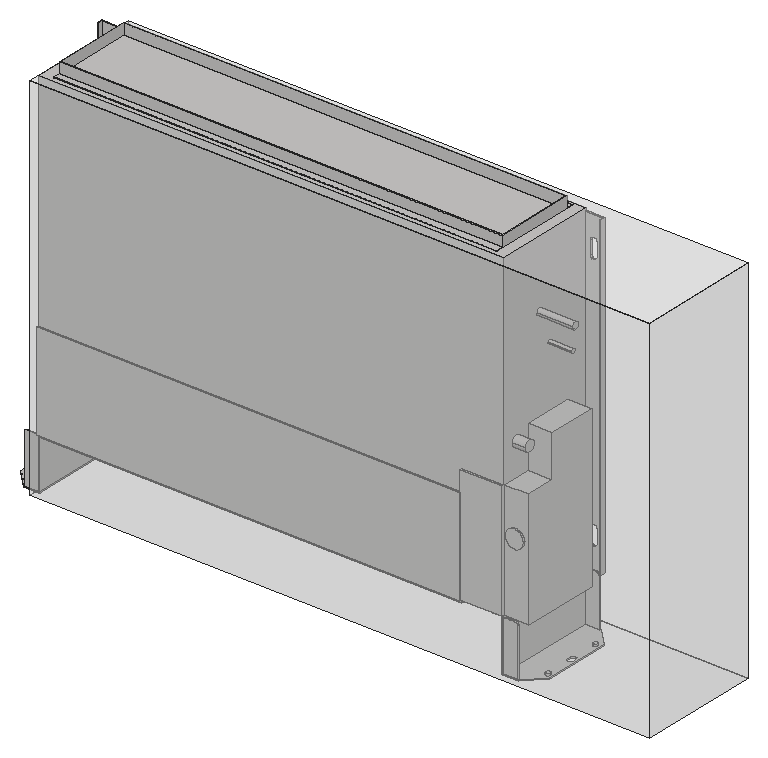
Revit family "outputfile", category 機械設備, Revit 2024
Family settings
  丸型コネクタ寸法 = 半径を使用
  パーツ タイプ = 標準
  OmniClass 番号 = 23.75.10.24.21.27.27
  OmniClass タイトル = Split System Air Conditioning Units
  作業面ベース = いいえ
  常に垂直 = はい
  ロード時にボイドで切り取り = いいえ
  注釈の向きを維持 = いいえ
  共有 = いいえ
  部屋計算ポイント = いいえ
Parameters (values of type "FXNQ40A2VEB")
  Description = ""
  製造元 = "Daikin"
  書き出し IFC クラス(タイプ) = "IfcUnitaryEquipmentType"
  定義済み IFC タイプ(タイプ) = "AIRCONDITIONINGUNIT"
  Cost = 0
  モデル = "FXNQ40A2VEB"
  Type Comments = ""
  Keynote = ""
  Type Image = (empty or 0)
  Assembly Code = ""
  w_hangerfixture = 0.0 mm
  w_dischargeflange = 862.0 mm
  r_Liquid Pipe Size = Liquid Pipe Size / 2  # 3.2 mm
  r_Gas Pipe Size = Gas Pipe Size / 2  # 6.35 mm
  w_mounting foot = 1030.0 mm
  r_Drain Pipe Size = Drain Pipe Size / 2  # 10.0 mm
  h_mountinghole = [h***] + 1.6 mm  # 1.6 mm
  lh_liquidpipe = 193.0 mm
  lh_gaspipe = 130.0 mm
  lh_drainpipe = 330.0 mm
  lh_antena = 725.8 mm  # constant formula
  ld_liquidpipe = 90.0 mm
  ld_gaspipe = 114.0 mm
  ld_drainpipe = 171.0 mm
  h*** = 0.0 mm  # constant formula
  w_front suction = 801.0 mm
  d_pipe_2 = 27.3 mm  # constant formula
  d_pipe_1 = 47.6 mm  # constant formula
  d_pipe = 71.2 mm  # constant formula
  Width = 904.8 mm
  Voltage_comment_60Hz = "220"
  Voltage_comment_50Hz = "220-240"
  Voltage_60Hz = 220 V
  Voltage_50Hz = 220 V
  Version = "ver.1.0"
  Unit Type = "Concealed Floor Standing Type"
  Unit Mass Weight = 27.50 kg
  Unit Designation [instance] = ""
  Uniclass2015Version = "Products v1.30"
  Uniclass2015Title = "Variable refrigerant flow units"
  Uniclass2015Code = "Pr_70_65_03_94"
  URL = ""
  Total Heating Capacity [instance] = 0.000 kW
  Total Cooling Capacity [instance] = 0.000 kW
  Sound Pressure Level_M speed (dBA) = 0
  Sound Pressure Level_L speed (dBA) = 28
  Sound Pressure Level_H speed (dBA) = 32
  Series = "VRV Fan Coil Unit"
  Sensible Cooling Capacity [instance] = 0.000 kW
  SA Duct Size Width = 860.0 mm
  SA Duct Size Height = 154.0 mm
  Refrigerant Type = "R410A"
  Power Input (Heating) = 0.075 kW
  Power Input (Cooling) = 0.078 kW
  Phase_60Hz = 1
  Phase_50Hz = 1
  Option Accessory 3 [instance] = ""
  Option Accessory 2 [instance] = ""
  Option Accessory 1 [instance] = ""
  Nominal Heating Capacity = 5.000 kW
  Nominal Cooling Capacity = 4.500 kW
  Minimum External Static Pressure = 0.00 Pa
  Minimum Circuit Amps_60Hz = 0.5 A
  Minimum Circuit Amps_50Hz = 0.5 A
  Minimum Airflow = 510.00 m³/h
  Median Airflow = 570.00 m³/h
  Maximum Fuse Amps_60Hz = 16.0 A
  Maximum Fuse Amps_50Hz = 16.0 A
  Maximum External Static Pressure = 52.00 Pa
  Maximum Airflow = 630.00 m³/h
  Material_Casing = DAIKIN_GalvanizedSteel_Casing_indoorunit
  Load Classification = HVAC
  Liquid Pipe Size = 6.4 mm
  Link_Nested Family [instance] = ""
  IfcVersion = "0"
  IfcExportType = "AIRCONDITIONINGUNIT"
  IfcExportAs = "IfcUnitaryEquipmentType"
  Height = 623.4 mm
  Heating Entering Wet Bulb Temperature [instance] = 0.00 °C
  Heating Entering Dry Bulb Temperature [instance] = 0.00 °C
  Heating Ambient Wet Bulb Temperature [instance] = 0.00 °C
  Heating Ambient Dry Bulb Temperature [instance] = 0.00 °C
  Heat Exchanger Type = "Cross Fin Coil"
  Gas Pipe Size = 12.7 mm
  Frequency_60Hz = 60 Hz
  Frequency_50Hz = 50 Hz
  Fan Type = "Sirocco Fan"
  Fan Drive = "Direct Drive"
  FCU Tag No. [instance] = ""
  Drain Pipe Size = 20.0 mm
  Design Supply Airflow [instance] = 0.00 m³/h
  Design External Static Pressure [instance] = 0.00 Pa
  Depth = 200.0 mm
  既定の高さ = 0.0 mm
  Cooling Entering Wet Bulb Temperature [instance] = 0.00 °C
  Cooling Entering Dry Bulb Temperature [instance] = 0.00 °C
  Cooling Ambient Wet Bulb Temperature [instance] = 0.00 °C
  Cooling Ambient Dry Bulb Temperature [instance] = 0.00 °C
  Clearance visibility [instance] = yes
  Clearance Top = 0.0 mm
  Clearance Right = 300.0 mm
  Clearance Rear = 20.0 mm
  Clearance Left = 0.0 mm
  Clearance Front = 20.0 mm
  Clearance Bottom = 100.0 mm
Reference planes
  plane 1 "Back": y = 0
  plane 2: z = 0
  plane 3 "Center (Left/Right)": x = 0
  plane 4 "Center (Front/Back)": y = -100
  plane 5 "Front": y = -200
  plane 6 "Left": x = -452.4
  plane 7 "Right": x = 452.4
  plane 8 "Top": z = 726.4
  plane 9: z = 103
  plane 10 "lh_liquidpipe": z = 533.4
  plane 11 "ld_liquidpipe": y = -90
  plane 12 "ld_gaspipe": y = -114
  plane 13 "lh_gaspipe": z = 596.4
  plane 14 "lh_drainpipe": z = 396.4
  plane 15 "ld_drainpipe": y = -171
  plane 16: x = 500
  plane 17: x = 523.6
  plane 18: x = -440
  plane 19: x = 361
  plane 20: z = 111.4
  plane 21: z = 290.8
  plane 22 "lw_powersupply": x = 476.2
  plane 23 "ld_powersupply": y = -150
  plane 24: y = -10
  plane 25: y = -190
  plane 26: x = 515
  plane 27: x = -515
  plane 28: x = 479.7
  plane 29: x = -490
  plane 30: x = 490
  plane 31: z = 723
  plane 32: z = 747.6
  plane 33: z = 726.4
  plane 34: z = 3
  plane 35: x = -452.4
  plane 36: x = 752.4
  plane 37: y = -220
  plane 38: y = 20
  plane 39: x = -505
  plane 40: x = 505
  plane 41: y = -97.5
  plane 42 "Bottom": z = 0
Forms (mm)
  Extrusion 1, solid, material "DAIKIN_GalvanizedSteel_Casing_indoorunit" <- "Material_Casing"
    sketch origin (0, 0, 0) x (1, 0, 0) y (0, 1, 0)
      loop
        line (-452.4, 0) -> (-452.4, -200) -> (452.4, -200) -> (452.4, 0) -> (-452.4, 0)
    from 103 to 726.4
  Extrusion 2, solid, material "DAIKIN_GalvanizedSteel_Casing_indoorunit" <- "Material_Casing"
    sketch origin (452.4, 0, 0) x (0, -1, 0) y (0, 0, -1)
      loop
        circle (90, -533.4) r 3.2
    from 0 to 47.6
  Extrusion 3, solid, material "DAIKIN_GalvanizedSteel_Casing_indoorunit" <- "Material_Casing"
    sketch origin (452.4, 0, 0) x (0, -1, 0) y (0, 0, -1)
      loop
        circle (114, -596.4) r 6.35
    from 0 to 71.2
  Extrusion 4, solid, material "DAIKIN_GalvanizedSteel_Casing_indoorunit" <- "Material_Casing"
    sketch origin (0, -200, 0) x (-1, 0, 0) y (0, 0, 1)
      loop
        line (452.4, 290.8) -> (-371.8, 290.8) -> (-371.8, 103) -> (452.4, 103) -> (452.4, 290.8)
    from 0 to -5
  Extrusion 5, solid, material "DAIKIN_GalvanizedSteel_Casing_indoorunit" <- "Material_Casing"
    sketch origin (452.4, 0, 0) x (0, 1, 0) y (0, 0, 1)
      loop
        line (-198.4, 103.6) -> (-46, 103.6) -> (-46, 413.6) -> (-142.2, 413.6) -> (-142.2, 331.6) -> (-198.4, 331.6) -> (-198.4, 103.6)
    from 0 to 47.6
  Extrusion 6, solid, material "DAIKIN_GalvanizedSteel_Casing_indoorunit" <- "Material_Casing"
    sketch origin (0, 0, 103) x (-1, 0, 0) y (0, -1, 0)
      loop
        line (452.4, 0) -> (452.4, 200) -> (-371.8, 200) -> (-371.8, 0) -> (452.4, 0)
    from 0 to -5
  Extrusion 7, solid, material "DAIKIN_GalvanizedSteel_Casing_indoorunit" <- "Material_Casing"
    sketch origin (452.4, 0, 0) x (0, 1, 0) y (0, 0, 1)
      loop
        circle (-171, 396.4) r 10
    from 0 to 27.3
  Extrusion 8, solid, material "DAIKIN_GalvanizedSteel_Casing_indoorunit" <- "Material_Casing"
    sketch origin (0, 0, 103) x (-1, 0, 0) y (0, -1, 0)
      loop
        line (452.4, 0) -> (490, 0) -> (490, 10) -> (487.7, 10) -> (487.7, 2.3) -> (452.4, 2.3) -> (452.4, 0)
    from 0 to 620
  Extrusion 9, solid, material "DAIKIN_GalvanizedSteel_Casing_indoorunit" <- "Material_Casing"
    sketch origin (0, 0, 103) x (1, 0, 0) y (0, 1, 0)
      loop
        line (452.4, 0) -> (452.4, -2.3) -> (487.7, -2.3) -> (487.7, -10) -> (490, -10) -> (490, 0) -> (452.4, 0)
    from 0 to 620
  Extrusion 10, void
    sketch origin (-452.4, -2.3, 103) x (1, 0, 0) y (0, 0, -1)
      loop
        line (-24.6, -547) -> (-24.6, -573)
        arc (-24.6, -573) -> (-17.6, -580) -> (-10.6, -573) r 7
        line (-10.6, -573) -> (-10.6, -547)
        arc (-10.6, -547) -> (-17.6, -540) -> (-24.6, -547) r 7
      loop
        arc (929.4, -547) -> (922.4, -540) -> (915.4, -547) r 7
        line (915.4, -547) -> (915.4, -573)
        arc (915.4, -573) -> (922.4, -580) -> (929.4, -573) r 7
        line (929.4, -573) -> (929.4, -547)
      loop
        line (-24.6, -47) -> (-24.6, -73)
        arc (-24.6, -73) -> (-17.6, -80) -> (-10.6, -73) r 7
        line (-10.6, -73) -> (-10.6, -47)
        arc (-10.6, -47) -> (-17.6, -40) -> (-24.6, -47) r 7
      loop
        arc (929.4, -47) -> (922.4, -40) -> (915.4, -47) r 7
        line (915.4, -47) -> (915.4, -73)
        arc (915.4, -73) -> (922.4, -80) -> (929.4, -73) r 7
        line (929.4, -73) -> (929.4, -47)
    from 0 to 250
  Extrusion 11, solid, material "DAIKIN_GalvanizedSteel_Casing_indoorunit" <- "Material_Casing"
    sketch origin (452.4, -200, 0) x (-1, 0, 0) y (0, 0, -1)
      loop
        line (80.6, -331.6) -> (80.6, -104.6) -> (0, -104.6) -> (0, -331.6) -> (80.6, -331.6)
    from 0 to 5
  Extrusion 12, solid, material "DAIKIN_GalvanizedSteel_Casing_indoorunit" <- "Material_Casing"
    sketch origin (452.4, -198.4, 331.6) x (0, 0, -1) y (1, 0, 0)
      loop
        circle (86.6, 21.8) r 17.5
    from 0 to 2.6
Cuts and joins
  Extrusion 10 cuts Extrusion 8
  Extrusion 10 cuts Extrusion 9
Dimensions and locks
  "Height": plane 8 "Top" to plane 9
  "Depth": plane 1 "Back" to plane 5 "Front"
  equal spacing: plane 5 "Front", plane 4 "Center (Front/Back)", plane 1 "Back"
  "Width": plane 6 "Left" to plane 7 "Right"
  equal spacing: plane 6 "Left", plane 3 "Center (Left/Right)", plane 7 "Right"
  "ld_liquidpipe": plane 11 "ld_liquidpipe" to plane 1 "Back"
  "lh_liquidpipe": plane 8 "Top" to plane 10 "lh_liquidpipe"
  "ld_gaspipe": plane 12 "ld_gaspipe" to plane 1 "Back"
  "lh_gaspipe": plane 8 "Top" to plane 13 "lh_gaspipe"
  "lh_drainpipe": plane 8 "Top" to plane 14 "lh_drainpipe"
  "ld_drainpipe": plane 15 "ld_drainpipe" to plane 1 "Back"
  "d_pipe_1": plane 16 to plane 7 "Right"
  "d_pipe": plane 17 to plane 7 "Right"
  plane 21 to plane 20 to plane 9 = 179.4 mm locked, 8.4 mm locked
  locked: plane 18 to plane 29 at 50
  "w_front suction": plane 19 to plane 18
  locked: Extrusion 5 sketch curve to Extrusion 5 sketch curve at 96.2
  locked: Extrusion 5 sketch curve to Extrusion 5 sketch curve at 310
  locked: Extrusion 5 sketch curve to Extrusion 5 sketch curve at 152.4
  locked: Extrusion 5 sketch curve to Extrusion 5 sketch curve at 228
  locked: Extrusion 5 sketch curve to plane 9 at 0.6
  locked: plane 7 "Right" to plane 22 "lw_powersupply" at 23.8
  locked: plane 23 "ld_powersupply" to plane 5 "Front" at 50
  locked: plane 24 to plane 1 "Back" at 10
  locked: plane 25 to plane 5 "Front" at 10
  equal spacing: plane 26, plane 3 "Center (Left/Right)", plane 27
  "w_mounting foot": plane 26 to plane 27
  locked: Extrusion 5 sketch curve to plane 1 "Back" at 46
  "d_pipe_2": plane 28 to plane 7 "Right"
  locked: plane 30 to plane 7 "Right" at 37.6
  locked: plane 6 "Left" to plane 29 at 37.6
  locked: Extrusion 10 sketch curve to Extrusion 10 sketch curve at 14  (x6)
  locked: Extrusion 10 sketch curve to Extrusion 10 sketch curve at 26  (x6)
  locked: plane 8 "Top" to plane 31 at 3.4
  locked: cut or joined group of Extrusion 8, Extrusion 10 to Extrusion 10 sketch curve at 17.6
  locked: cut or joined group of Extrusion 8, Extrusion 10 to Extrusion 10 sketch curve at 47
  locked: Extrusion 9 to Extrusion 10 sketch curve at 47
  locked: Extrusion 10 sketch curve to Extrusion 1 at 17.6  (x3)
  locked: Extrusion 10 sketch curve to Extrusion 10 sketch curve at 474  (x2)
  locked: plane 32 to plane 8 "Top" at 21.2
  "Clearance Right": plane 36 to plane 7 "Right"
  "Clearance Left": plane 6 "Left" to plane 35
  "Clearance Bottom": plane 9 to plane 34
  "Clearance Top": plane 33 to plane 8 "Top"
  "Clearance Front": plane 5 "Front" to plane 37
  "Clearance Rear": plane 1 "Back" to plane 38
  locked: plane 27 to plane 39 at 10
  locked: plane 40 to plane 26 at 10
  locked: plane 41 to plane 4 "Center (Front/Back)" at 2.5
  "h***": plane 42 "Bottom" to plane 2
  locked: plane 9 to plane 42 "Bottom" at 103
  locked: Extrusion 11 sketch curve to Extrusion 11 sketch curve at 227
  locked: Extrusion 11 sketch curve to Extrusion 11 sketch curve at 80.6
  locked: Extrusion 11 sketch curve to plane 9 at 1.6
  locked: Extrusion 12 sketch curve to plane 9 at 142
  locked: Extrusion 12 sketch curve to plane 7 "Right" at 21.8
  "Liquid Pipe Size": diameter of Extrusion 2 sketch curve
  "Gas Pipe Size": diameter of Extrusion 3 sketch curve
  "Drain Pipe Size": diameter of Extrusion 7 sketch curve
  aligned and locked: level to plane 2
  aligned and locked: plane 1 "Back" to Extrusion 1 sketch curve
  aligned and locked: plane 6 "Left" to Extrusion 1 sketch curve
  aligned and locked: plane 5 "Front" to Extrusion 1 sketch curve
  aligned and locked: Extrusion 1 sketch curve to plane 7 "Right"
  aligned and locked: plane 8 "Top" to Extrusion 1
  aligned and locked: Extrusion 1 to plane 9
  aligned and locked: plane 9 to nested 1
  aligned and locked: nested 1 to plane 4 "Center (Front/Back)"
  aligned and locked: plane 4 "Center (Front/Back)" to nested 2
  aligned and locked: nested 2 to plane 9
  aligned and locked: plane 11 "ld_liquidpipe" to Extrusion 2 sketch curve
  aligned and locked: plane 10 "lh_liquidpipe" to Extrusion 2 sketch curve
  aligned and locked: plane 16 to Extrusion 2
  aligned and locked: plane 13 "lh_gaspipe" to Extrusion 3 sketch curve
  aligned and locked: plane 12 "ld_gaspipe" to Extrusion 3 sketch curve
  aligned and locked: plane 17 to Extrusion 3
  aligned and locked: plane 21 to Extrusion 4 sketch curve
  aligned and locked: plane 5 "Front" to Extrusion 4
  aligned and locked: plane 22 "lw_powersupply" to nested 3
  aligned and locked: plane 23 "ld_powersupply" to nested 3
  aligned and locked: plane 9 to Extrusion 6
  aligned and locked: nested 1 to plane 26
  aligned and locked: nested 2 to plane 27
  aligned and locked: plane 16 to Extrusion 5
  aligned and locked: Extrusion 5 to nested 3
  aligned and locked: plane 14 "lh_drainpipe" to Extrusion 7 sketch curve
  aligned and locked: plane 15 "ld_drainpipe" to Extrusion 7 sketch curve
  aligned and locked: plane 28 to Extrusion 7
  aligned and locked: nested 4 to plane 12 "ld_gaspipe"
  aligned and locked: nested 4 to Extrusion 3
  aligned and locked: nested 5 to Extrusion 2
  aligned and locked: Extrusion 7 to plane 7 "Right"
  aligned and locked: nested 4 to plane 13 "lh_gaspipe"
  aligned and locked: nested 5 to plane 10 "lh_liquidpipe"
  aligned and locked: nested 6 to plane 15 "ld_drainpipe"
  aligned and locked: plane 28 to nested 6
  aligned and locked: nested 6 to plane 14 "lh_drainpipe"
  aligned and locked: Extrusion 8 to plane 9
  aligned and locked: plane 30 to Extrusion 9
  aligned and locked: Extrusion 9 to plane 7 "Right"
  aligned and locked: Extrusion 8 to plane 29
  aligned and locked: Extrusion 9 to plane 9
  aligned and locked: plane 31 to cut or joined group of Extrusion 8, Extrusion 10
  aligned and locked: plane 31 to Extrusion 9
  aligned and locked: plane 8 "Top" to nested 7
  aligned and locked: nested 7 to plane 32
  aligned and locked: plane 3 "Center (Left/Right)" to nested 7
  aligned and locked: nested 8 to plane 38
  aligned and locked: nested 8 to plane 37
  aligned and locked: plane 33 to nested 8
  aligned and locked: plane 34 to nested 8
  aligned and locked: plane 35 to nested 8
  aligned and locked: plane 36 to nested 8
  aligned and locked: nested 9 to plane 4 "Center (Front/Back)"
  aligned and locked: plane 40 to nested 9
  aligned and locked: nested 10 to plane 4 "Center (Front/Back)"
  aligned and locked: plane 39 to nested 10
  aligned and locked: plane 41 to nested 7
  aligned and locked: Extrusion 11 sketch curve to plane 7 "Right"
  aligned and locked: plane 6 "Left" to Extrusion 4 sketch curve
  aligned and locked: plane 9 to Extrusion 4 sketch curve
  aligned and locked: Extrusion 11 to Extrusion 4 sketch curve
  aligned and locked: plane 1 "Back" to Extrusion 6 sketch curve
  aligned and locked: plane 5 "Front" to Extrusion 6 sketch curve
  aligned and locked: Extrusion 6 to plane 6 "Left"
  aligned and locked: Extrusion 6 to Extrusion 11
Automatic sketch dimensions
  Extrusion 1 sketch curve to plane 5 "Front" = 0.0 mm
  plane 1 "Back" to Extrusion 8 sketch curve = 0.0 mm
  Extrusion 8 sketch curve to plane 6 "Left" = 0.0 mm
  plane 24 to Extrusion 8 sketch curve = 0.0 mm
  Extrusion 8 sketch curve to plane 29 = 0.0 mm
  plane 29 to Extrusion 8 sketch curve = 2.3 mm
  plane 1 "Back" to Extrusion 8 sketch curve = 2.3 mm
  plane 1 "Back" to Extrusion 9 sketch curve = 0.0 mm
  Extrusion 9 sketch curve to plane 7 "Right" = 0.0 mm
  plane 24 to Extrusion 9 sketch curve = 0.0 mm
  Extrusion 9 sketch curve to plane 30 = 0.0 mm
  Extrusion 9 sketch curve to plane 30 = 2.3 mm
  plane 1 "Back" to Extrusion 9 sketch curve = 2.3 mm
  plane 27 to Extrusion 6 sketch curve = 62.6 mm
  Extrusion 6 sketch curve to plane 36 = 380.6 mm
  radius of Extrusion 12 sketch curve = 17.5 mm
Nested families
  nested 1: "daikin_hangerfixture_FXNQ-A2VEB" at (515, -100, 103) x (0, -1, 0) z (0, 0, 1), type "daikin_hangerfixture_FXNQ-A2VEB"
  nested 2: "daikin_hangerfixture_FXNQ-A2VEB" at (-515, -100, 103) x (0, -1, 0) z (0, 0, 1), type "daikin_hangerfixture_FXNQ-A2VEB"
  nested 3: "daikin_connector_rotate2" at (476.2, -150, 153.6) x (1, 0, 0) z (0, -1, 0), type "daikin_connector_rotate2"
    with radius 10.0 mm, length 50.0 mm, angle_vertical 90.00°, show_face no
  nested 4: "daikin_connector_rotate2" at (452.45, -114, 596.4) x (0, 1, 0) z (0, 0, 1), radius <- "r_Gas Pipe Size", type "daikin_connector_rotate2"
    with radius 6.35 mm, length 71.15 mm, angle_vertical 90.00°, show_face no
  nested 5: "daikin_connector_rotate2" at (452.4, -90, 533.4) x (0, 1, 0) z (0, 0, 1), radius <- "r_Liquid Pipe Size", type "daikin_connector_rotate2"
    with radius 3.2 mm, length 47.6 mm, angle_vertical 90.00°, show_face no
  nested 6: "daikin_connector_rotate2" at (452.4, -171, 396.4) x (0, 1, 0) z (0, 0, 1), radius <- "r_Drain Pipe Size", type "daikin_connector_rotate2"
    with radius 10.0 mm, length 27.3 mm, angle_vertical 90.00°, show_face no
  nested 7: "daikin_ductflange_FXNQ-A2VEB" at (0, -189, 726.4) x (1, 0, 0) z (0, 1, 0), width <- "w_dischargeflange", material <- "Material_Casing", type "daikin_ductflange_FXNQ-A2VEB"
    with width 862.0 mm, material DAIKIN_GalvanizedSteel_Casing_indoorunit, height 183.0 mm, depth 21.2 mm
  nested 8: "daikin_clearancespace" at (150, -100, 364.819), visible <- "Clearance visibility", show <- "Clearance visibility", Link_Nested Family <- "Link_Nested Family", type "daikin_clearancespace"
    with width 1204.8 mm, show yes, height 723.4 mm, depth 240.0 mm, Link_Nested Family ""
  nested 9: "daikin_mountinghole" at (505, -100, 0), Link_Nested Family <- "Link_Nested Family", h_mountinghole <- "h_mountinghole", l_antenna <- "lh_antena", type "daikin_mountinghole"
    with show yes, l_antenna 725.8 mm, h_mountinghole 1.6 mm, Link_Nested Family ""
  nested 10: "daikin_mountinghole" at (-505, -100, 0), Link_Nested Family <- "Link_Nested Family", h_mountinghole <- "h_mountinghole", l_antenna <- "lh_antena", type "daikin_mountinghole"
    with show yes, l_antenna 725.8 mm, h_mountinghole 1.6 mm, Link_Nested Family ""
Connectors
  electrical at (476.2, -150, 103.6), driven by "Load Classification"
    settings: on nested 3, index 4, voltage 0 V, apparent load 0 VA, apparent load phase1 0 VA, apparent load phase2 0 VA, apparent load phase3 0 VA, power factor 1, load classification "HVAC", number of poles 1, system type 30, power factor state 1, is connector primary yes, connector utility no, sub classification motor no, connector description "Power Supply"
  piping at (523.6, -114, 596.4), diameter 12.7, driven by "r_Gas Pipe Size"
    settings: on nested 4, index 6, connector inside diameter 609.6 mm, connector length 0.0 mm, flow factor 0, pipe flow 0.00 m³/h, pressure drop 0.0 Pa, fitting loss kfactor 0, connector angle 0.00°, fixture units 0, engagement length 0.0 mm, angle of deflection 0.00°, flow configuration 1, flow direction 2, fitting loss method 0, system type 29, joint type 0, gender type 0, connector reference index -1, connector utility 0, adjustable connector no, is connector primary yes, connector description "Refrigerant Gas Piping"
  piping at (500, -90, 533.4), diameter 6.4, driven by "r_Liquid Pipe Size"
    settings: on nested 5, index 7, connector inside diameter 609.6 mm, connector length 0.0 mm, flow factor 0, pipe flow 0.00 m³/h, pressure drop 0.0 Pa, fitting loss kfactor 0, connector angle 0.00°, fixture units 0, engagement length 0.0 mm, angle of deflection 0.00°, flow configuration 1, flow direction 1, fitting loss method 0, system type 29, joint type 0, gender type 0, connector reference index -1, connector utility 0, adjustable connector no, is connector primary no, connector description "Refrigerant Liquid Piping"
  piping at (479.7, -171, 396.4), diameter 20, driven by "r_Drain Pipe Size"
    settings: on nested 6, index 8, connector inside diameter 609.6 mm, connector length 0.0 mm, flow factor 0, pipe flow 0.00 m³/h, pressure drop 0.0 Pa, fitting loss kfactor 0, connector angle 0.00°, fixture units 0, engagement length 0.0 mm, angle of deflection 0.00°, flow configuration 1, flow direction 2, fitting loss method 4, system type 16, joint type 0, gender type 0, connector reference index -1, connector utility 0, adjustable connector no, is connector primary no, connector description "Condensate Drain Piping"
  hvac at (0, -97.5, 747.6), driven by "SA Duct Size Width", driven by "SA Duct Size Height"
    settings: on nested 7, index 9, duct flow 0.00 m³/h, flow factor 0, pres drop 0.00 Pa, loss coef 0, conn angle 0.00°, conn width 860.0 mm, conn height 154.0 mm, conn diameter 609.6 mm, duct sys type 1, conn prof type 1, flow config 0, flow direction 2, loss method 4, conn ref index -1, conn util no, is conn primary yes, conn desc "SA Duct"
Definition of nested family "daikin_hangerfixture_FXNQ-A2VEB"
  Parameters (values of type "daikin_hangerfixture_FXNQ-A2VEB")
    width = 200.0 mm
    material = none
    height = 103.0 mm
    depth = 84.2 mm
    Default Elevation = 0.0 mm
  Reference planes
    plane 1 "Center (Front/Back)": y = 0
    plane 2: z = 0
    plane 3 "Center (Left/Right)": x = 0
    plane 4: y = -84.2
    plane 5: x = -100
    plane 6: x = 100
    plane 7: z = -103
    plane 8: x = 98.4
    plane 9: x = -98.4
  Forms (mm)
    Extrusion 1, solid, material <- "material"
      sketch origin (0, 0, 0) x (0, 1, 0) y (0, 0, 1)
        loop
          line (-84.2, 0) -> (-84.2, -1.6) -> (-65.2, -1.6) -> (-65.2, -101.4)
          arc (-65.2, -101.4) -> (-64.731, -102.531) -> (-63.6, -103) r 1.6
          line (-63.6, -103) -> (0, -103) -> (0, -101.4) -> (-63.6, -101.4) -> (-63.6, 0) -> (-84.2, 0)
      from -100 to 100
    Extrusion 2, void
      sketch origin (0, 0, -101.4) x (1, 0, 0) y (0, -1, 0)
        loop
          line (-100, 0) -> (-66, 0) -> (-100, 34) -> (-100, 0)
        loop
          line (100, 0) -> (100, 34) -> (66, 0) -> (100, 0)
        loop
          line (-3, 4) -> (3, 4)
          arc (3, 4) -> (9, 10) -> (3, 16) r 6
          line (3, 16) -> (-3, 16)
          arc (-3, 16) -> (-9, 10) -> (-3, 4) r 6
      from 0 to 1.6
    Extrusion 3, solid, material <- "material"
      sketch origin (0, 0, 0) x (0, 1, 0) y (0, 0, 1)
        loop
          line (-63.6, -1.8) -> (-63.6, -101.4) -> (-35, -101.4) -> (-35, -6.8)
          arc (-35, -6.8) -> (-36.464, -3.264) -> (-40, -1.8) r 5
          line (-40, -1.8) -> (-63.6, -1.8)
      from 98.4 to 100
    Extrusion 4, solid, material <- "material"
      sketch origin (-265, -1.4, 0) x (0, 1, 0) y (0, 0, 1)
        loop
          line (-62.2, -1.8) -> (-62.2, -101.4) -> (-33.6, -101.4) -> (-33.6, -7.36)
          arc (-33.6, -7.36) -> (-35.228, -3.428) -> (-39.16, -1.8) r 5.56
          line (-39.16, -1.8) -> (-62.2, -1.8)
      from 165 to 166.6
    Extrusion 5, solid, material <- "material"
      sketch origin (0, 0, -101.4) x (0, -1, 0) y (1, 0, 0)
        loop
          circle (10, -57.85) r 4.1
        loop
          circle (10, 57.85) r 4.1
      from 0 to 2.6
    Extrusion 6, solid, material <- "material"
      sketch origin (0, 0, 0) x (1, 0, 0) y (0, 0, 1)
        loop
          line (-63.4, 25.35) -> (-72.9, 25.35)
          arc (-72.9, 25.35) -> (-76.436, 23.886) -> (-77.9, 20.35) r 5
          line (-77.9, 20.35) -> (-77.9, 0) -> (-58.4, 0) -> (-58.4, 20.35)
          arc (-58.4, 20.35) -> (-59.864, 23.886) -> (-63.4, 25.35) r 5
        loop
          circle (-68.15, 15.6) r 6
      from 63.6 to 65.2
  Cuts and joins
    Extrusion 2 cuts Extrusion 1
  Dimensions and locks
    "width": plane 5 to plane 6
    "depth": plane 4 to plane 1 "Center (Front/Back)"
    equal spacing: plane 5, plane 3 "Center (Left/Right)", plane 6
    "height": level to plane 7
    locked: Extrusion 3 sketch curve to Extrusion 3 sketch curve at 99.6
    locked: Extrusion 3 sketch curve to Extrusion 3 sketch curve at 28.6
    locked: plane 8 to plane 6 at 1.6
    locked: plane 5 to plane 9 at 1.6
    locked: Extrusion 4 sketch curve to Extrusion 4 sketch curve at 99.6
    locked: Extrusion 4 sketch curve to Extrusion 4 sketch curve at 28.6
    locked: Extrusion 5 sketch curve to plane 6 at 42.15
    locked: plane 5 to Extrusion 5 sketch curve at 42.15
    locked: Extrusion 5 sketch curve to plane 1 "Center (Front/Back)" at 10  (x2)
    locked: Extrusion 6 sketch curve to Extrusion 6 sketch curve at 25.35
    locked: Extrusion 6 sketch curve to Extrusion 6 sketch curve at 19.5
    locked: Extrusion 6 sketch curve to plane 5 at 22.1
    locked: Extrusion 6 sketch curve to Extrusion 6 sketch curve at 9.75
    radius of Extrusion 3 sketch curve = 5.0 mm
    radius of Extrusion 4 sketch curve = 5.56 mm
    radius of Extrusion 5 sketch curve = 4.1 mm  (x2)
    aligned and locked: level to plane 2
    aligned and locked: Extrusion 1 to plane 5
    aligned and locked: plane 6 to Extrusion 1
    aligned and locked: Extrusion 1 to plane 1 "Center (Front/Back)"
    aligned and locked: Extrusion 1 to plane 4
    aligned and locked: cut or joined group of Extrusion 1, Extrusion 2 to Extrusion 3 sketch curve  (x2)
    aligned and locked: plane 6 to Extrusion 3
    aligned and locked: Extrusion 3 to plane 8
    aligned and locked: Extrusion 4 to plane 5
    aligned and locked: plane 9 to Extrusion 4
    aligned and locked: Extrusion 4 to cut or joined group of Extrusion 1, Extrusion 2
    aligned and locked: level to Extrusion 6 sketch curve
    aligned and locked: cut or joined group of Extrusion 1, Extrusion 2 to Extrusion 6  (x2)
  Automatic sketch dimensions
    Extrusion 1 sketch curve to plane 4 = 0.0 mm
    Extrusion 1 sketch curve to plane 7 = 0.0 mm
    Extrusion 1 sketch curve to plane 1 "Center (Front/Back)" = 0.0 mm
    Extrusion 1 sketch curve to Extrusion 1 sketch curve = 0.0 mm  (x2)
    Extrusion 2 sketch curve to Extrusion 1 = 0.0 mm  (x2)
    Extrusion 1 to Extrusion 2 sketch curve = 0.0 mm  (x2)
    Extrusion 1 to Extrusion 2 sketch curve = 34.0 mm  (x2)
    Extrusion 1 to Extrusion 2 sketch curve = 10.0 mm
    Extrusion 2 sketch curve to Extrusion 2 sketch curve = 63.0 mm
    Extrusion 2 sketch curve to Extrusion 2 sketch curve = 6.0 mm  (x2)
    Extrusion 2 sketch curve to Extrusion 1 = 29.6 mm  (x2)
    Extrusion 4 sketch curve to level = 1.8 mm
    plane 4 to Extrusion 4 sketch curve = 20.6 mm
    Extrusion 6 sketch curve to Extrusion 6 sketch curve = 5.0 mm  (x2)
    Extrusion 6 sketch curve to Extrusion 6 sketch curve = 4.75 mm
    Extrusion 1 sketch curve to level = 1.6 mm
    plane 4 to Extrusion 1 sketch curve = 19.0 mm
    Extrusion 1 sketch curve to Extrusion 1 sketch curve = 1.6 mm
    Extrusion 1 sketch curve to level = 0.0 mm
    radius of Extrusion 6 sketch curve = 6.0 mm
Definition of nested family "daikin_ductflange_FXNQ-A2VEB"
  Parameters (values of type "daikin_ductflange_Exhaust Duct")
    width [instance] = 662.0 mm
    material [instance] = none
    height [instance] = 183.0 mm
    depth [instance] = 21.2 mm
    Default Elevation = 0.0 mm
  Reference planes
    plane 1 "Center (Front/Back)": y = 0
    plane 2: z = 0
    plane 3 "Center (Left/Right)": x = 0
    plane 4: y = -21.2
    plane 5: x = -331
    plane 6: x = 331
    plane 7 "Top": z = 183
    plane 8: y = -1
    plane 9: z = 168.5
    plane 10: z = 14.5
    plane 11 "Center (Elevation)": z = 91.5
    plane 12: x = -330
    plane 13: x = 330
  Forms (mm)
    Extrusion 1, solid, material <- "material"
      sketch origin (0, 0, 0) x (1, 0, 0) y (0, 0, 1)
        loop
          line (-331, 183) -> (-331, 0) -> (331, 0) -> (331, 183) -> (-331, 183)
        loop
          line (-330, 168.5) -> (-330, 14.5) -> (330, 14.5) -> (330, 168.5) -> (-330, 168.5)
      from 0 to 1
    Extrusion 2, solid, material <- "material"
      sketch origin (0, 0, 0) x (1, 0, 0) y (0, 1, 0)
        loop
          line (-331, -1) -> (-331, -21.2) -> (-330, -21.2) -> (-330, -1) -> (-331, -1)
        loop
          line (330, -1) -> (330, -21.2) -> (331, -21.2) -> (331, -1) -> (330, -1)
      from 14.5 to 168.5
    Extrusion 3, solid, material <- "material"
      sketch origin (0, 0, 0) x (0, 1, 0) y (0, 0, 1)
        loop
          line (-1, 168.5) -> (-1, 169.458) -> (-21.2, 169.458) -> (-21.2, 168.5) -> (-1, 168.5)
        loop
          line (-1, 14.5) -> (-21.2, 14.5) -> (-21.2, 13.542) -> (-1, 13.542) -> (-1, 14.5)
      from -331 to 331
  Cuts and joins
    joined: Extrusion 1, Extrusion 2, Extrusion 3
  Dimensions and locks
    "height": plane 7 "Top" to plane 2
    "width": plane 5 to plane 6
    equal spacing: plane 5, plane 3 "Center (Left/Right)", plane 6
    "depth": plane 1 "Center (Front/Back)" to plane 4
    locked: plane 8 to plane 1 "Center (Front/Back)" at 1
    locked: plane 7 "Top" to plane 9 at 14.5
    locked: plane 10 to plane 2 at 14.5
    equal spacing: plane 7 "Top", plane 11 "Center (Elevation)", plane 2
    locked: Extrusion 3 sketch curve to Extrusion 2 at 0.958  (x2)
    locked: plane 7 "Top" to Extrusion 1 sketch curve at 14.5
    locked: Extrusion 1 sketch curve to plane 2 at 14.5
    locked: plane 12 to plane 5 at 1
    locked: plane 6 to plane 13 at 1
    aligned and locked: level to plane 2
    aligned and locked: Extrusion 1 sketch curve to plane 7 "Top"
    aligned and locked: plane 5 to Extrusion 1 sketch curve
    aligned and locked: Extrusion 1 sketch curve to plane 6
    aligned and locked: plane 2 to Extrusion 1 sketch curve
    aligned and locked: Extrusion 1 to plane 8
    aligned and locked: plane 9 to Extrusion 2
    aligned and locked: Extrusion 2 to plane 10
    aligned and locked: plane 8 to Extrusion 3 sketch curve
    aligned and locked: Extrusion 3 sketch curve to plane 9
    aligned and locked: Extrusion 3 sketch curve to plane 8
    aligned and locked: Extrusion 3 sketch curve to plane 10
    aligned and locked: Extrusion 3 to plane 5
    aligned and locked: plane 6 to Extrusion 3
    aligned and locked: plane 4 to Extrusion 3 sketch curve
    aligned and locked: Extrusion 3 sketch curve to plane 4
    aligned and locked: plane 5 to Extrusion 2 sketch curve
    aligned and locked: Extrusion 2 sketch curve to plane 12
    aligned and locked: Extrusion 2 sketch curve to plane 6
    aligned and locked: plane 13 to Extrusion 2 sketch curve
    aligned and locked: Extrusion 2 sketch curve to plane 8
    aligned and locked: plane 4 to Extrusion 2 sketch curve
    aligned and locked: plane 12 to Extrusion 1 sketch curve
    aligned and locked: Extrusion 1 sketch curve to plane 13
  Automatic sketch dimensions
    Extrusion 2 sketch curve to plane 4 = 0.0 mm
    Extrusion 2 sketch curve to plane 8 = 0.0 mm
Definition of nested family "daikin_clearancespace"
  Parameters (values of type "daikin_clearancespace")
    width [instance] = 1823.963 mm
    show [instance] = yes
    material = none
    height [instance] = 1359.762 mm
    depth [instance] = 880.0 mm
    Default Elevation = 0.0 mm
    Link_Nested Family [instance] = ""
  Reference planes
    plane 1 "Center (Front/Back)": y = 0
    plane 2 "Center (Elevation)": z = -0.119
    plane 3 "Center (Left/Right)": x = 0
    plane 4: y = 440
    plane 5: y = -440
    plane 6 "Right": x = 911.982
    plane 7 "Left": x = -911.982
    plane 8 "Top": z = 679.762
    plane 9 "Bottom": z = -680
  Forms (mm)
    Extrusion 1, solid, material <- "material", visible <- "show"
      sketch origin (0, 0, 0) x (1, 0, 0) y (0, 1, 0)
        loop
          line (-911.982, 440) -> (-911.982, -440) -> (911.982, -440) -> (911.982, 440) -> (-911.982, 440)
      from -680 to 679.762
  Lines and regions (mm)
    symbolic lines, visible <- "show"
      curve 1: line (911.982, 440, 0) -> (-911.982, 440, 0)
      curve 2: line (-911.982, 440, 0) -> (-911.982, -440, 0)
      curve 3: line (-911.982, -440, 0) -> (911.982, -440, 0)
      curve 4: line (911.982, -440, 0) -> (911.982, 440, 0)
      curve 5: line (911.982, 0, 679.762) -> (-911.982, 0, 679.762)
      curve 6: line (911.982, 0, -680) -> (911.982, 0, 679.762)
      curve 7: line (-911.982, 0, -680) -> (911.982, 0, -680)
      curve 8: line (-911.982, 0, 679.762) -> (-911.982, 0, -680)
      curve 9: line (0, 440, 679.762) -> (0, -440, 679.762)
      curve 10: line (0, -440, 679.762) -> (0, -440, -680)
      curve 11: line (0, 440, -680) -> (0, 440, 679.762)
      curve 12: line (0, -440, -680) -> (0, 440, -680)
  Dimensions and locks
    "width": plane 7 "Left" to plane 6 "Right"
    "depth": plane 4 to plane 5
    "height": plane 8 "Top" to plane 9 "Bottom"
    equal spacing: plane 7 "Left", plane 3 "Center (Left/Right)", plane 6 "Right"
    equal spacing: plane 4, plane 1 "Center (Front/Back)", plane 5
    equal spacing: plane 8 "Top", plane 2 "Center (Elevation)", plane 9 "Bottom"
    aligned and locked: level to plane 2 "Center (Elevation)"
    aligned and locked: Extrusion 1 sketch curve to plane 4
    aligned and locked: plane 7 "Left" to Extrusion 1 sketch curve
    aligned and locked: Extrusion 1 sketch curve to plane 5
    aligned and locked: Extrusion 1 sketch curve to plane 6 "Right"
    aligned and locked: plane 8 "Top" to Extrusion 1
    aligned and locked: curve 1 to Extrusion 1
    aligned and locked: curve 2 to Extrusion 1
    aligned and locked: curve 3 to Extrusion 1
    aligned and locked: curve 4 to Extrusion 1
    aligned and locked: curve 5 to Extrusion 1
    aligned and locked: curve 6 to Extrusion 1
    aligned and locked: curve 7 to Extrusion 1
    aligned and locked: curve 8 to Extrusion 1
    aligned and locked: curve 9 to Extrusion 1
    aligned and locked: curve 10 to Extrusion 1
    aligned and locked: curve 11 to Extrusion 1
    aligned and locked: curve 12 to Extrusion 1
    aligned and locked: Extrusion 1 to plane 9 "Bottom"
Definition of nested family "daikin_connector_rotate2"
  Parameters (values of type "daikin_connector_rotate2")
    show_face = yes
    radius [instance] = 10.0 mm
    length [instance] = 600.0 mm
    d_surface = 10.0 mm
    angle_vertical [instance] = 90.00°
    Default Elevation = 0.0 mm
  Reference planes
    plane 1 "Center (Front/Back)": y = 0
    plane 2: z = 0
    plane 3 "Center (Left/Right)": x = 0
  Forms (mm)
    Extrusion 1, solid, visible <- "show_face"
      sketch origin (0, -600, 0) x (1, 0, 0) y (0, 0, 1)
        loop
          circle (0, 0) r 10
      from 0 to -10
  Lines and regions (mm)
    reference lines
      curve 1: line (0, 0, 0) -> (0, -600, 0)
    symbolic lines
      curve 2: circle (0, 0, 0) r 5 normal (0, 0, 1)
    model lines, visible <- "show_face"
      curve 3: line (0, 0, 0) -> (0, -600, 0)
  Dimensions and locks
    "length": curve 1 to curve 1
    "length": curve 3 to curve 3
    "d_surface": Extrusion 1 to Extrusion 1
    "radius": radius of Extrusion 1 sketch curve
    "angle_vertical": angle curve 1 to plane 1 "Center (Front/Back)"
    "angle_vertical": angle curve 3 to plane 1 "Center (Front/Back)"
    aligned and locked: level to plane 2
    aligned and locked: plane 1 "Center (Front/Back)" to curve 1
    aligned and locked: plane 2 to curve 1
    aligned and locked: plane 1 "Center (Front/Back)" to curve 2
    aligned and locked: plane 3 "Center (Left/Right)" to curve 2
    aligned and locked: plane 1 "Center (Front/Back)" to curve 3
    aligned and locked: plane 2 to curve 3
    aligned and locked: Extrusion 1 to Extrusion 1
  Automatic sketch dimensions
    Extrusion 1 sketch curve to level = 0.0 mm
    Extrusion 1 sketch curve to plane 3 "Center (Left/Right)" = 0.0 mm
    radius of curve 2 = 5.0 mm
Definition of nested family "daikin_mountinghole"
  Parameters (values of type "daikin_mountinghole")
    Default Elevation = 1219.2 mm
    Type Comments = "mountinghole"
    show [instance] = yes
    material = none
    l_centerline = 100.0 mm
    l_antenna [instance] = 100.0 mm
    h_mountinghole [instance] = 0.0 mm
    d_circle = 30.0 mm
    Link_Nested Family [instance] = ""
  Reference planes
    plane 1 "Center (Front/Back)": y = 0
    plane 2: z = 0
    plane 3 "Center (Left/Right)": x = 0
    plane 4: y = 50
    plane 5: x = -50
    plane 6: x = 50
    plane 7: y = -50
    plane 8 "h_mountinghole": z = 0
    plane 9: z = 100
  Lines and regions (mm)
    model lines, detail levels fine
      curve 1: circle (0, 0, 0) r 15 normal (0, 0, 1)
      curve 2: line (-50, 0, 0) -> (50, 0, 0)
      curve 3: line (0, 50, 0) -> (0, -50, 0)
    symbolic lines, detail levels fine
      curve 4: circle (0, 0, 0) r 15 normal (0, 0, 1)
      curve 5: line (-50, 0, 0) -> (50, 0, 0)
      curve 6: line (0, 50, 0) -> (0, -50, 0)
    model lines
      curve 7: line (0, 0, 100) -> (0, 0, 0)
  Dimensions and locks
    equal spacing: plane 4, plane 1 "Center (Front/Back)", plane 7
    "l_centerline": plane 4 to plane 7
    equal spacing: plane 5, plane 3 "Center (Left/Right)", plane 6
    "l_centerline": plane 5 to plane 6
    "l_antenna": plane 9 to plane 8 "h_mountinghole"
    "h_mountinghole": plane 8 "h_mountinghole" to plane 2
    "d_circle": diameter of curve 1
    "d_circle": diameter of curve 4
    aligned and locked: level to plane 2
    aligned and locked: plane 1 "Center (Front/Back)" to curve 1
    aligned and locked: plane 3 "Center (Left/Right)" to curve 1
    aligned and locked: plane 1 "Center (Front/Back)" to curve 2
    aligned and locked: curve 3 to plane 3 "Center (Left/Right)"
    aligned and locked: plane 6 to curve 2
    aligned and locked: plane 5 to curve 2
    aligned and locked: plane 4 to curve 3
    aligned and locked: plane 7 to curve 3
    aligned and locked: plane 1 "Center (Front/Back)" to curve 4
    aligned and locked: plane 3 "Center (Left/Right)" to curve 4
    aligned and locked: plane 6 to curve 5
    aligned and locked: plane 5 to curve 5
    aligned and locked: plane 1 "Center (Front/Back)" to curve 5
    aligned and locked: plane 4 to curve 6
    aligned and locked: plane 7 to curve 6
    aligned and locked: curve 6 to plane 3 "Center (Left/Right)"
    aligned and locked: curve 7 to plane 3 "Center (Left/Right)"
    aligned and locked: plane 9 to curve 7
    aligned and locked: plane 8 "h_mountinghole" to curve 7
